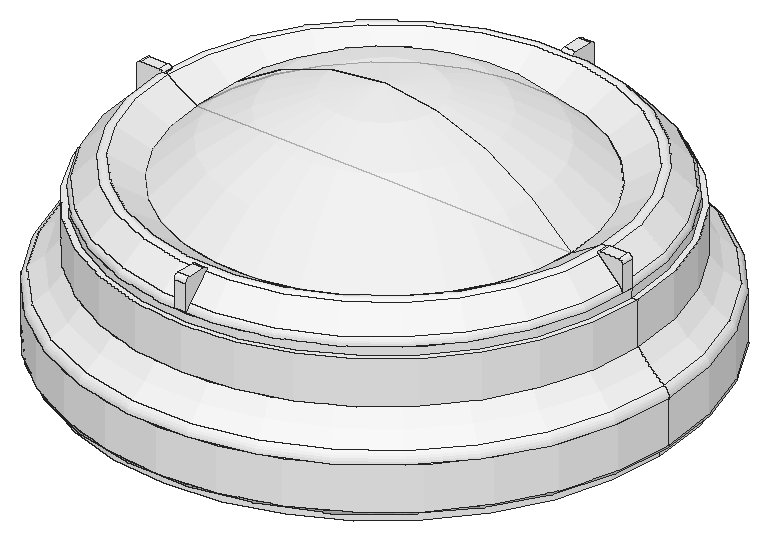
Revit family "2103A_Dimming_WASP", category Communication Devices, host Face, Revit 2014
Parameters
  Width = 4.00"
  Warranty = "5-Years Warranty"  # constant formula
  Type Comments = "Occupancy Sensors and Controllers"  # constant formula
  Product Page URL = "https://www.hubbell.com/hubbellcontrolsolutions/en/Products/Lighting-Controls/Lighting-Controls-Sensors/Occupancy-Vacancy-Sensors/WASP-Occupancy-Sensor-Product-Line/p/2135917"
  Product Documentation Link = "https://hubbellcdn.com/specsheet/2103A_HBA_Wasp2_Kit_Cutsheet.pdf"
  URL = "https://www.hubbell.com/hubbellcontrolsolutions/en"
  Power Requirements = "Line Voltage sensors: 120/277/347VAC, 60 Hz\r"  # constant formula
  Model = "WASP™2Occupancy Sensor Kit"  # constant formula
  Manufacturer = "Hubbell Control Solutions"  # constant formula
  Sensing Element = Glass - Hubbell - White
  Features = "Digital Passive Infrared (PIR) sensor \r\nMounting height is 45 ft indoor only \r\nSingle output\r\nEnd Mount installation \r\nDaylight sensor for daylight harvesting applications\r\nUL and cUL listed \r\nFive-year limited warranty \r\nKit includes WASP2 Occupancy Sensor, Lens, Adaptor and Masking Kit\r\n"  # constant formula
  Description = "The WASP2 Occupancy Sensor is an Indoor Sensor, specifically\r\ndesigned for ON/OFF control of high bay fixtures in warehouse,\r\ndistribution centers and similar facilities."  # constant formula
  Default Elevation = 48.00"
  Create Date = "02/11/2019"
  Coverage = "Indoor-360° degree (masking kit included)"
  Copyright = "Copyright © 2019 Hubbell Control Solutions"  # constant formula
  Contact Us = "https://www.hubbell.com/hubbellcontrolsolutions/en/contactUs"
  Housing Material = Paint - Hubbell - Matte White
  Certifications = "Conforms to UL STD 508, UL STD 244A\r\nLWO version conforms to IP65"
  Assembly Code = "D5090"
Reference planes (in)
  plane 1 "Center (Front/Back)": y = 10.63342
  plane 2: z = 0
  plane 3 "Center (Left/Right)": x = 0
  plane 4: x = -2
  plane 5: x = 2
  plane 6: y = 12.63342
  plane 7: y = 8.63342
  plane 8: through (0.87749, -180, 1.95871) normal (0.7071, 0, 0.7071)
  plane 9: z = 1.5
Forms (in)
  Revolve 1, solid, material "Paint - Hubbell - Matte White" <- "Housing Material"
    sketch origin (0, 10.63342, 0) x (1, 0, 0) y (0, 0, 1)
      loop
        line (0, 0) -> (1.93821, 0) -> (1.93821, 0.06683) -> (1.97955, 0.06683)
        arc (1.97955, 0.06683) -> (1.99401, 0.07282) -> (2, 0.08728) r 0.02045
        line (2, 0.08728) -> (2, 0.38388)
        arc (2, 0.38388) -> (1.99014, 0.42292) -> (1.96293, 0.4526) r 0.08223
        arc (1.96293, 0.4526) -> (1.8637, 0.53245) -> (1.78157, 0.6298) r 0.66286
        line (1.78157, 0.6298) -> (1.78157, 0.92962) -> (0, 0.92962) -> (0, 0)
      axis (0, 0.92962) -> (0, 0)
    angle from 0 to 360
  Revolve 2, solid, material "Paint - Hubbell - Matte White" <- "Housing Material"
    sketch origin (0, 10.63342, 0) x (1, 0, 0) y (0, 0, 1)
      loop
        line (0, 0.92962) -> (1.74219, 0.92962) -> (1.74219, 0.98265)
        arc (1.74219, 0.98265) -> (1.73675, 1.01) -> (1.72125, 1.03319) r 0.07147
        line (1.72125, 1.03319) -> (1.5804, 1.17404)
        arc (1.5804, 1.17404) -> (1.55312, 1.1875) -> (1.52328, 1.18156) r 0.04732
        line (1.52328, 1.18156) -> (1.31627, 1.06204) -> (0, 1.06204) -> (0, 0.92962)
      axis (0, 1.18156) -> (0, 0.92962)
    angle from 0 to 360
  Revolve 3, solid, material "Glass - Hubbell - White" <- "Sensing Element"
    sketch origin (0, 10.63342, 0) x (1, 0, 0) y (0, 0, 1)
      loop
        line (0, 1.05919) -> (1.31627, 1.05919)
        arc (1.31627, 1.05919) -> (0.72014, 1.49838) -> (0, 1.67058) r 1.86237
        line (0, 1.67058) -> (0, 1.05919)
      axis (0, 1.67058) -> (0, 1.05919)
    angle from 0 to 360
  Extrusion 4, solid, material "Paint - Hubbell - Matte White" <- "Housing Material"
    sketch origin (0, 10.63342, 0) x (1, 0, 0) y (0, 0, 1)
      loop
        arc (1.74157, 1.16813) -> (1.73241, 1.19025) -> (1.71028, 1.19941) r 0.03129
        line (1.71028, 1.19941) -> (1.5858, 1.19941)
        arc (1.5858, 1.19941) -> (1.56688, 1.19348) -> (1.55474, 1.17781) r 0.03314
        line (1.55474, 1.17781) -> (1.74157, 0.99097) -> (1.74157, 1.16813)
    from 0.08 to 0
  Extrusion 5, solid, material "Paint - Hubbell - Matte White" <- "Housing Material"
    sketch origin (0, 10.63342, 0) x (0, -1, 0) y (0, 0, 1)
      loop
        arc (1.74157, 1.16813) -> (1.73241, 1.19025) -> (1.71028, 1.19941) r 0.03129
        line (1.71028, 1.19941) -> (1.5858, 1.19941)
        arc (1.5858, 1.19941) -> (1.56688, 1.19348) -> (1.55474, 1.17781) r 0.03314
        line (1.55474, 1.17781) -> (1.74157, 0.99097) -> (1.74157, 1.16813)
    from 0.08 to 0
  Extrusion 6, solid, material "Paint - Hubbell - Matte White" <- "Housing Material"
    sketch origin (0, 10.63342, 0) x (-1, 0, 0) y (0, 0, 1)
      loop
        arc (1.74157, 1.16813) -> (1.73241, 1.19025) -> (1.71028, 1.19941) r 0.03129
        line (1.71028, 1.19941) -> (1.5858, 1.19941)
        arc (1.5858, 1.19941) -> (1.56688, 1.19348) -> (1.55474, 1.17781) r 0.03314
        line (1.55474, 1.17781) -> (1.74157, 0.99097) -> (1.74157, 1.16813)
    from 0.08 to 0
  Extrusion 7, solid, material "Paint - Hubbell - Matte White" <- "Housing Material"
    sketch origin (0, 10.63342, 0) x (0, 1, 0) y (0, 0, 1)
      loop
        arc (1.74157, 1.16813) -> (1.73241, 1.19025) -> (1.71028, 1.19941) r 0.03129
        line (1.71028, 1.19941) -> (1.5858, 1.19941)
        arc (1.5858, 1.19941) -> (1.56688, 1.19348) -> (1.55474, 1.17781) r 0.03314
        line (1.55474, 1.17781) -> (1.74157, 0.99097) -> (1.74157, 1.16813)
    from 0.08 to 0
Dimensions and locks (in)
  "Width": plane 4 to plane 5
  "Width": plane 7 to plane 6
  equal spacing: plane 4, plane 3 "Center (Left/Right)", plane 5
  equal spacing: plane 7, plane 1 "Center (Front/Back)", plane 6
  plane 9 to plane 2 = 1.50"
  plane 4 to plane 5 = 4.00"
  aligned and locked: plane 2 to host face
  aligned and locked: level to host face
Automatic sketch dimensions
  host sketch curve to host sketch curve = 96.00"  (x2)
  Revolve 2 sketch curve to plane 3 "Center (Left/Right)" = 0.00"  (x2)
  Revolve 2 sketch curve to plane 5 = 0.68373"
  Revolve 2 sketch curve to Revolve 2 sketch curve = 0.20701"
  Revolve 2 sketch curve to Revolve 2 sketch curve = 0.02366"
  Revolve 2 sketch curve to Revolve 2 sketch curve = 0.03346"  (x2)
  Revolve 2 sketch curve to Revolve 2 sketch curve = 0.12378"
  Revolve 2 sketch curve to Revolve 2 sketch curve = 0.05054"
  Revolve 2 sketch curve to Revolve 2 sketch curve = 0.07147"
  plane 9 to Revolve 2 sketch curve = 0.57038"
  Revolve 2 sketch curve to Revolve 2 sketch curve = 0.05302"
  Revolve 2 sketch curve to Revolve 2 sketch curve = 0.13242"
  Revolve 2 sketch curve to Revolve 2 sketch curve = 0.15794"
  Revolve 2 sketch curve to level = 0.4412"
  Revolve 2 sketch curve to plane 9 = 0.66233"
  Revolve 1 sketch curve to plane 3 "Center (Left/Right)" = 0.00"  (x2)
  Revolve 1 sketch curve to level = 0.00"
  Revolve 1 sketch curve to plane 5 = 0.00"
  Revolve 1 sketch curve to plane 5 = 0.21843"
  Revolve 1 sketch curve to plane 5 = 0.08223"
  Revolve 1 sketch curve to plane 5 = 0.06179"
  Revolve 1 sketch curve to plane 5 = 0.02045"
  plane 5 to Revolve 1 sketch curve = 0.32694"
  level to Revolve 1 sketch curve = 0.06683"
  Revolve 1 sketch curve to Revolve 1 sketch curve = 0.2966"
  Revolve 1 sketch curve to Revolve 1 sketch curve = 0.24592"
  plane 9 to Revolve 1 sketch curve = 0.57038"
  plane 9 to Revolve 1 sketch curve = 0.49344"
  Revolve 1 sketch curve to Revolve 1 sketch curve = 1.25"
  Revolve 1 sketch curve to plane 9 = 2.25"
  Revolve 3 sketch curve to plane 3 "Center (Left/Right)" = 0.00"  (x2)
  Revolve 3 sketch curve to plane 3 "Center (Left/Right)" = 0.0644"
  Revolve 3 sketch curve to level = 0.19068"
  plane 9 to Revolve 3 sketch curve = 0.44081"
  Revolve 3 sketch curve to Revolve 3 sketch curve = 0.2765"
  Revolve 3 sketch curve to plane 9 = 0.17058"
  Revolve 3 sketch curve to Revolve 3 sketch curve = 0.11212"
  Extrusion 4 sketch curve to Extrusion 4 sketch curve = 0.12448"
  Extrusion 4 sketch curve to Extrusion 4 sketch curve = 0.03107"
  Extrusion 4 sketch curve to Extrusion 4 sketch curve = 0.0216"
  Extrusion 4 sketch curve to Extrusion 4 sketch curve = 0.00185"
  Extrusion 4 sketch curve to plane 5 = 0.44526"
  plane 9 to Extrusion 4 sketch curve = 0.50903"
  Extrusion 4 sketch curve to Extrusion 4 sketch curve = 0.1753"
  Extrusion 5 sketch curve to plane 7 = 0.44526"
  Extrusion 5 sketch curve to Extrusion 5 sketch curve = 0.03107"
  Extrusion 5 sketch curve to Extrusion 5 sketch curve = 0.12448"
  Extrusion 5 sketch curve to Extrusion 5 sketch curve = 0.03129"
  plane 9 to Extrusion 5 sketch curve = 0.50903"
  Extrusion 5 sketch curve to Extrusion 5 sketch curve = 0.1753"
  Extrusion 5 sketch curve to Extrusion 5 sketch curve = 0.00185"
  plane 4 to Extrusion 6 sketch curve = 0.44526"
  Extrusion 6 sketch curve to Extrusion 6 sketch curve = 0.03107"
  Extrusion 6 sketch curve to Extrusion 6 sketch curve = 0.12448"
  Extrusion 6 sketch curve to Extrusion 6 sketch curve = 0.03129"
  plane 9 to Extrusion 6 sketch curve = 0.50903"
  Extrusion 6 sketch curve to Extrusion 6 sketch curve = 0.1753"
  Extrusion 6 sketch curve to Extrusion 6 sketch curve = 0.00185"
  plane 6 to Extrusion 7 sketch curve = 0.44526"
  Extrusion 7 sketch curve to Extrusion 7 sketch curve = 0.03107"
  Extrusion 7 sketch curve to Extrusion 7 sketch curve = 0.12448"
  Extrusion 7 sketch curve to Extrusion 7 sketch curve = 0.03129"
  plane 9 to Extrusion 7 sketch curve = 0.50903"
  Extrusion 7 sketch curve to Extrusion 7 sketch curve = 0.1753"
  Extrusion 7 sketch curve to Extrusion 7 sketch curve = 0.00185"
Connectors (in)
  electrical at (0, 10.63342, 0)
    settings: on Revolve 1, index 1, voltage 0 V, apparent load 0 VA, apparent load phase1 0 VA, apparent load phase2 0 VA, apparent load phase3 0 VA, power factor 1, load classification "Other", number of poles 1, system type 13, power factor state 1, is connector primary yes, connector utility no, sub classification motor no, connector description "Occupancy Sensors and Controller"
